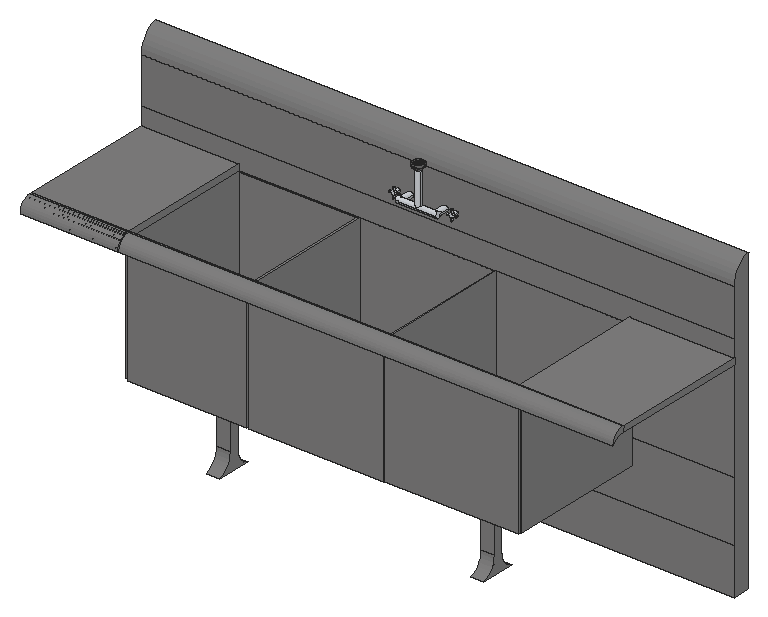
Revit family
Reference planes (in)
  plane 1 "Center (Front/Back)": y = 0
  plane 2: z = 0
  plane 3 "Center (Left/Right)": x = 0
Forms (in)
  Extrusion 1, solid, material "STEEEELLIE"
    sketch origin (0, 0, 0) x (0, 1, 0) y (0, 0, 1)
      loop
        line (-3, 48) -> (-3, 40) -> (-3, 18.5) -> (-3, 8) -> (-3, 0) -> (0, 0) -> (0, 52)
        arc (0, 52) -> (-2.16667, 50.5) -> (-3, 48) r 4.16667
    from 0 to 102.15407
  Extrusion 2, solid, material "STEEEELLIE"
    sketch origin (0, 0, 0) x (0, 1, 0) y (0, 0, 1)
      loop
        line (-27, 36) -> (-27, 14) -> (-19, 14) -> (-3, 14) -> (-2.75, 14) -> (-2.75, 36) -> (-3, 36) -> (-3, 35.8125) -> (-3, 14.25) -> (-26.75, 14.25) -> (-26.75, 35.8125) -> (-26.75, 36) -> (-27, 36)
    from 16.83566 to 37.30629
  Extrusion 3, solid, material "STEEEELLIE"
    sketch origin (0, 0, 0) x (0, 1, 0) y (0, 0, 1)
      loop
        line (-3, 36) -> (-3, 37) -> (-27, 37)
        arc (-27, 37) -> (-28.5, 36.37868) -> (-29.12132, 34.87868) r 2.12132
        arc (-29.12132, 34.87868) -> (-28.26454, 35.82505) -> (-27, 36) r 1.8677
        line (-27, 36) -> (-3, 36)
    from 0 to 16.83566
  Extrusion 4, solid, material "STEEEELLIE"
    sketch origin (0, 0, 0) x (0, 1, 0) y (0, 0, 1)
      loop
        arc (-27, 37) -> (-28.5, 36.37868) -> (-29.12132, 34.87868) r 2.12132
        arc (-29.12132, 34.87868) -> (-28.26454, 35.82505) -> (-27, 36) r 1.8677
        line (-27, 36) -> (-26.75, 36) -> (-26.75, 37) -> (-27, 37)
    from 0 to 102.15597
  Extrusion 5, solid, material "STEEEELLIE"
    sketch origin (0, 0, 0) x (0, 1, 0) y (0, 0, 1)
      loop
        line (-3, 36) -> (-3, 37) -> (-26.75, 37) -> (-26.75, 36) -> (-3, 36)
    from 84.13846 to 102.16028
  Extrusion 6, solid, material "STEEEELLIE"
    sketch origin (0, 0, 0) x (0, 1, 0) y (0, 0, 1)
      loop
        line (-26.75, 36) -> (-26.75, 14.25) -> (-3, 14.25) -> (-3, 36) -> (-26.75, 36)
    from 37.68635 to 37.30629
  Extrusion 7, solid, material "STEEEELLIE"
    sketch origin (0, 0, 0) x (0, 1, 0) y (0, 0, 1)
      loop
        line (-27, 36) -> (-27, 14) -> (-2.75, 14) -> (-2.75, 36) -> (-3, 36) -> (-3, 14.25) -> (-26.75, 14.25) -> (-26.75, 36) -> (-27, 36)
    from 37.68635 to 60.86882
  Extrusion 8, solid, material "STEEEELLIE"
    sketch origin (0, 0, 0) x (0, 1, 0) y (0, 0, 1)
      loop
        line (-3, 36) -> (-26.75, 36) -> (-26.75, 14.25) -> (-3, 14.25) -> (-3, 36)
    from 60.86215 to 61.09738
  Extrusion 9, solid, material "STEEEELLIE"
    sketch origin (0, 0, 0) x (0, 1, 0) y (0, 0, 1)
      loop
        line (-3, 36) -> (-3, 14.25) -> (-26.75, 14.25) -> (-26.75, 36) -> (-27, 36) -> (-27, 14) -> (-2.75, 14) -> (-2.75, 36) -> (-3, 36)
    from 61.12054 to 84.13846
  Extrusion 10, solid, material "STEEEELLIE"
    sketch origin (0, 0, 0) x (0, 1, 0) y (0, 0, 1)
      loop
        line (-3, 36) -> (-26.75, 36) -> (-26.75, 14.25) -> (-3, 14.25) -> (-3, 36)
    from 16.83566 to 16.27529
  Extrusion 11, solid, material "STEEEELLIE"
    sketch origin (0, 0, 0) x (0, 1, 0) y (0, 0, 1)
      loop
        line (-3, 36) -> (-26.75, 36) -> (-26.75, 14.25) -> (-3, 14.25) -> (-3, 36)
    from 84.13846 to 84.53655
  Extrusion 12, solid, material "STEEEELLIE"
    sketch origin (0, 0, 0) x (0, 1, 0) y (0, 0, 1)
      loop
        arc (-14.75, 0) -> (-16.42305, 1.22292) -> (-17, 3.21333) r 3.20953
        line (-17, 3.21333) -> (-17, 14) -> (-18.5, 14) -> (-18.5, 3.21333)
        arc (-18.5, 3.21333) -> (-19.08751, 1.23031) -> (-20.75, 0) r 3.25958
        line (-20.75, 0) -> (-14.75, 0)
    from 25.37064 to 27.71391
  Extrusion 13, solid, material "STEEEELLIE"
    sketch origin (0, 0, 0) x (0, 1, 0) y (0, 0, 1)
      loop
        line (-18.5, 14) -> (-18.5, 3.21333)
        arc (-18.5, 3.21333) -> (-19.08751, 1.23031) -> (-20.75, 0) r 3.25958
        line (-20.75, 0) -> (-14.75, 0)
        arc (-14.75, 0) -> (-16.42305, 1.22292) -> (-17, 3.21333) r 3.20953
        line (-17, 3.21333) -> (-17, 14) -> (-18.5, 14)
    from 70.93373 to 73.18769
  Extrusion 14, solid
    sketch origin (0, 0, 0) x (1, 0, 0) y (0, 0, 1)
      loop
        circle (46.27425, 42.625) r 0.5
      loop
        circle (52.27425, 42.625) r 0.5
    from 0 to 5.00166
  Extrusion 15, solid
    sketch origin (0, 0, 0) x (0, 1, 0) y (0, 0, 1)
      loop
        circle (-5.00166, 42.625) r 0.5
    from 45.77855 to 52.76975
  Extrusion 16, solid
    sketch origin (0, 0, 0) x (1, 0, 0) y (0, 1, 0)
      loop
        circle (49.272, -4.97108) r 0.5
    from 42.57897 to 48.5269
  Extrusion 17, solid
    sketch origin (0, 0, 0) x (1, 0, 0) y (0, 0, 1)
      loop
        circle (44.27425, 42.625) r 0.25
      loop
        circle (54.27425, 42.625) r 0.25
    from 3 to 3.8092
  Extrusion 18, solid
    sketch origin (0, 0, 0) x (1, 0, 0) y (0, 0, 1)
      loop
        arc (53.93351, 42.54905) -> (54.02667, 42.37887) -> (54.19631, 42.2847) r 0.34911
        line (54.19631, 42.2847) -> (54.19631, 41.83026)
        arc (54.19631, 41.83026) -> (54.27325, 41.75331) -> (54.3502, 41.83026) r 0.07694
        line (54.3502, 41.83026) -> (54.3502, 42.28425)
        arc (54.3502, 42.28425) -> (54.52111, 42.37814) -> (54.615, 42.54905) r 0.34911
        line (54.615, 42.54905) -> (55.069, 42.54905)
        arc (55.069, 42.54905) -> (55.14594, 42.626) -> (55.069, 42.70294) r 0.07694
        line (55.069, 42.70294) -> (54.61455, 42.70294)
        arc (54.61455, 42.70294) -> (54.52038, 42.87258) -> (54.3502, 42.96575) r 0.34911
        line (54.3502, 42.96575) -> (54.3502, 43.41974)
        arc (54.3502, 43.41974) -> (54.27325, 43.49669) -> (54.19631, 43.41974) r 0.07694
        line (54.19631, 43.41974) -> (54.19631, 42.9653)
        arc (54.19631, 42.9653) -> (54.0274, 42.87186) -> (53.93396, 42.70294) r 0.34911
        line (53.93396, 42.70294) -> (53.47951, 42.70294)
        arc (53.47951, 42.70294) -> (53.40257, 42.626) -> (53.47951, 42.54905) r 0.07694
        line (53.47951, 42.54905) -> (53.93351, 42.54905)
    from 3.8092 to 4.08157
  Extrusion 19, solid
    sketch origin (98.544, 0, 0) x (-1, 0, 0) y (0, 0, -1)
      loop
        line (53.93351, -42.54905) -> (53.47951, -42.54905)
        arc (53.47951, -42.54905) -> (53.40257, -42.626) -> (53.47951, -42.70294) r 0.07694
        line (53.47951, -42.70294) -> (53.93396, -42.70294)
        arc (53.93396, -42.70294) -> (54.0274, -42.87186) -> (54.19631, -42.9653) r 0.34911
        line (54.19631, -42.9653) -> (54.19631, -43.41974)
        arc (54.19631, -43.41974) -> (54.27325, -43.49669) -> (54.3502, -43.41974) r 0.07694
        line (54.3502, -43.41974) -> (54.3502, -42.96575)
        arc (54.3502, -42.96575) -> (54.52038, -42.87258) -> (54.61455, -42.70294) r 0.34911
        line (54.61455, -42.70294) -> (55.069, -42.70294)
        arc (55.069, -42.70294) -> (55.14594, -42.626) -> (55.069, -42.54905) r 0.07694
        line (55.069, -42.54905) -> (54.615, -42.54905)
        arc (54.615, -42.54905) -> (54.52111, -42.37814) -> (54.3502, -42.28425) r 0.34911
        line (54.3502, -42.28425) -> (54.3502, -41.83026)
        arc (54.3502, -41.83026) -> (54.27325, -41.75331) -> (54.19631, -41.83026) r 0.07694
        line (54.19631, -41.83026) -> (54.19631, -42.2847)
        arc (54.19631, -42.2847) -> (54.02667, -42.37887) -> (53.93351, -42.54905) r 0.34911
    from 3.8092 to 4.08157
  Blend 20, solid, material "STEEEELLIE"
    base sketch origin (0, 0, 0) x (1, 0, 0) y (0, 1, 0)
      loop
        circle (49.272, -4.97108) r 0.5
    top sketch origin (0, 0, 0) x (1, 0, 0) y (0, 1, 0)
      loop
        circle (49.272, -4.97108) r 1
    from 48.5269 to 49.00913
  Extrusion 21, solid, material "tip"
    sketch origin (0, 0, 0) x (1, 0, 0) y (0, 1, 0)
      loop
        circle (49.272, -4.97108) r 0.95305
    from 49.00913 to 49.17427
  Extrusion 22, solid, material "tip"
    sketch origin (0, 0, 0) x (1, 0, 0) y (0, 1, 0)
      loop
        circle (49.272, -4.97108) r 0.95305
      loop
        circle (49.272, -4.97108) r 0.91166
    from 49.17427 to 49.46647
  Extrusion 23, solid
    sketch origin (0, 0, 0) x (1, 0, 0) y (0, 1, 0)
      loop
        circle (48.94981, -4.19323) r 0.04691
      loop
        circle (49.26659, -4.28954) r 0.04691
      loop
        circle (49.59478, -4.19323) r 0.04691
      loop
        circle (49.0627, -4.46905) r 0.04691
      loop
        circle (49.26798, -4.58208) r 0.04691
      loop
        circle (49.17441, -4.7354) r 0.04691
      loop
        circle (49.36959, -4.7354) r 0.04691
      loop
        circle (49.50768, -4.87349) r 0.04691
      loop
        circle (49.50768, -5.06867) r 0.04691
      loop
        circle (49.36959, -5.20676) r 0.04691
      loop
        circle (49.17441, -5.20676) r 0.04691
      loop
        circle (49.03632, -5.06867) r 0.04691
      loop
        circle (49.03632, -4.87349) r 0.04691
      loop
        circle (49.4813, -4.46905) r 0.04691
      loop
        circle (49.77403, -4.76178) r 0.04691
      loop
        circle (49.77403, -5.18038) r 0.04691
      loop
        circle (49.4813, -5.47311) r 0.04691
      loop
        circle (49.0627, -5.47311) r 0.04691
      loop
        circle (48.76997, -5.18038) r 0.04691
      loop
        circle (48.76997, -4.76178) r 0.04691
      loop
        circle (50.04985, -4.64829) r 0.04691
      loop
        circle (50.04985, -5.29386) r 0.04691
      loop
        circle (49.59478, -5.74893) r 0.04691
      loop
        circle (48.94921, -5.74893) r 0.04691
      loop
        circle (48.49415, -5.29386) r 0.04691
      loop
        circle (48.49415, -4.64829) r 0.04691
      loop
        circle (49.54511, -4.69405) r 0.04691
      loop
        circle (49.661, -4.96706) r 0.04691
      loop
        circle (49.54903, -5.24419) r 0.04691
      loop
        circle (49.27602, -5.36008) r 0.04691
      loop
        circle (48.99889, -5.24811) r 0.04691
      loop
        circle (48.883, -4.9751) r 0.04691
      loop
        circle (48.99497, -4.69797) r 0.04691
      loop
        circle (49.74933, -4.48457) r 0.04691
      loop
        circle (49.95354, -4.96567) r 0.04691
      loop
        circle (49.75851, -5.44841) r 0.04691
      loop
        circle (49.27741, -5.65262) r 0.04691
      loop
        circle (48.79467, -5.45759) r 0.04691
      loop
        circle (48.59046, -4.97649) r 0.04691
      loop
        circle (48.78549, -4.49375) r 0.04691
      loop
        circle (49.272, -4.97108) r 0.19148
      loop
        circle (49.272, -4.97108) r 0.08288
    from 49.17427 to 49.33567
Lines and regions (in)
  model lines
    curve 1: line (0, 0, 0) -> (0, 0, 52)
    curve 2: arc (0, 0, 52) -> (0, -2.16667, 50.5) -> (0, -3, 48) r 4.16667
    curve 3: line (0, -3, 0) -> (0, 0, 0)
    curve 4: line (0, -3, 48) -> (0, -3, 40)
    curve 5: line (0, -3, 40) -> (0, -3, 18.5)
    curve 6: line (0, -3, 18.5) -> (0, -3, 8)
    curve 7: line (0, -3, 8) -> (0, -3, 0)
    curve 8: line (0, -3, 36) -> (0, -27, 36)
    curve 9: line (0, -27, 37) -> (0, -3, 37)
    curve 10: arc (0, -27, 37) -> (0, -28.5, 36.37868) -> (0, -29.12132, 34.87868) r 2.12132
    curve 11: arc (0, -29.12132, 34.87868) -> (0, -28.26454, 35.82505) -> (0, -27, 36) r 1.8677
    curve 12: line (0, -19, 0) -> (0, -18.5, 0)
    curve 13: circle (46.27425, 0, 42.625) r 0.5 normal (0, -1, 0)
    curve 14: circle (52.27425, 0, 42.625) r 0.5 normal (0, -1, 0)
    curve 15: circle (0, -5.00166, 42.625) r 0.5 normal (1, 0, 0)
    curve 16: circle (44.27425, 0, 42.625) r 0.25 normal (0, -1, 0)
    curve 17: circle (54.27425, 0, 42.625) r 0.25 normal (0, -1, 0)
Dimensions and locks (in)
  aligned and locked: level to plane 2
